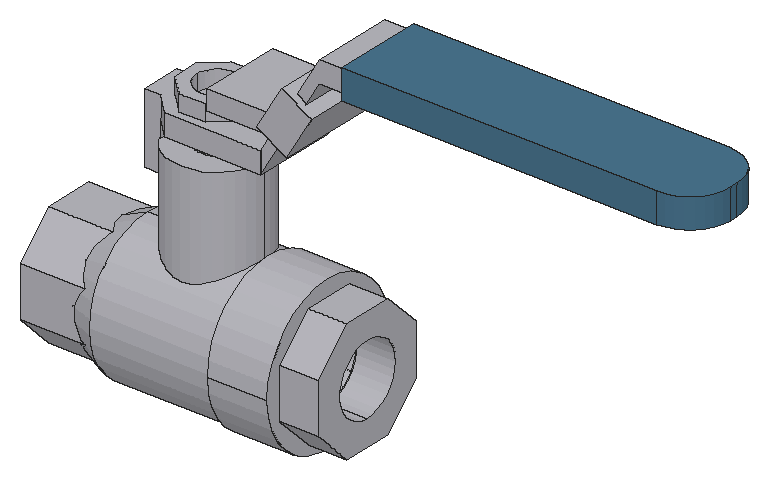
Revit family "200A-Ball-Valve", category Pipe Accessories, Revit 2018
Family settings
  Round Connector Dimension = Use Diameter
  Part Type = Valve - Breaks Into
  OmniClass Number = 23.60.30.11.14
  OmniClass Title = Pipework Fittings
  Work Plane-Based = No
  Always vertical = Yes
  Cut with Voids When Loaded = No
  Shared = No
Parameters
  Weight [instance] = size_lookup(LookupTable, "Weight", "NA", Nominal Diameter)  # "0.73 lbs."
  URL = "http://www.fnw.com"
  Standards Lookup Table = "Standards"  # constant formula
  Product ID [instance] = size_lookup(LookupTable, "ProductID", "NA", Nominal Diameter)  # "4106091"
  Pipe Diameter [instance] = size_lookup(Standards Lookup Table, "pipe_dia", 0", Nominal Diameter)  # 0.54"
  Part Number [instance] = size_lookup(LookupTable, "PartNumber", "NA", Nominal Diameter)  # "FNW200AB"
  PIpe Radius [instance] = Pipe Diameter / 2  # 0.27"
  NPT Insert [instance] = size_lookup(Standards Lookup Table, "NPT_insert", 0", Nominal Diameter)  # 0.4018"
  Manufacturer = "FNW"  # constant formula
  Description BOM [instance] = size_lookup(LookupTable, "Description_BOM", "NA", Nominal Diameter)  # "1/4 Stainless Steel 1000# Threaded 2 Piece Full Port BV"
  1_Z2 [instance] = size_lookup(LookupTable, "1_Z2", 0", Nominal Diameter)  # 0.1644"
  1_Z1 [instance] = size_lookup(LookupTable, "1_Z1", 0", Nominal Diameter)  # 0.7754"
  Z3 [instance] = size_lookup(LookupTable, "Z3", 0", Nominal Diameter)  # 13/128"
  Z2 [instance] = size_lookup(LookupTable, "Z2", 0", Nominal Diameter)  # 1.3402"
  Z1 [instance] = size_lookup(LookupTable, "Z1", 0", Nominal Diameter)  # 1.2152"
  1_Y1 [instance] = size_lookup(LookupTable, "1_Y1", 0", Nominal Diameter)  # 5/8"
  1_X4 [instance] = size_lookup(LookupTable, "1_X4", 0", Nominal Diameter)  # 5/16"
  1_X1 [instance] = size_lookup(LookupTable, "1_X1", 0", Nominal Diameter)  # 57/64"
  1_X3 [instance] = size_lookup(LookupTable, "1_X3", 0", Nominal Diameter)  # 3.94"
  X7 [instance] = size_lookup(LookupTable, "X7", 0", Nominal Diameter)  # 1.14"
  X6 [instance] = size_lookup(LookupTable, "X6", 0", Nominal Diameter)  # 2.28"
  X5 [instance] = size_lookup(LookupTable, "X5", 0", Nominal Diameter)  # 0.30135"
  X4 [instance] = size_lookup(LookupTable, "X4", 0", Nominal Diameter)  # 0.456"
  X3 [instance] = size_lookup(LookupTable, "X3", 0", Nominal Diameter)  # 0.92085"
  X2 [instance] = size_lookup(LookupTable, "X2", 0", Nominal Diameter)  # 0.2"
  1_X2 [instance] = size_lookup(LookupTable, "1_X2", 0", Nominal Diameter)  # 57/128"
  X1 [instance] = size_lookup(LookupTable, "X1", 0", Nominal Diameter)  # 0.4018"
  Show Lever Clearance [instance] = no
  R3 [instance] = size_lookup(LookupTable, "R3", 0", Nominal Diameter)  # 0.58125"
  R2 [instance] = size_lookup(LookupTable, "R2", 0", Nominal Diameter)  # 0.558"
  R1_Diam [instance] = R1 * 2  # 0.93"
  R1 [instance] = size_lookup(LookupTable, "R1", 0", Nominal Diameter)  # 0.465"
  Nominal Radius [instance] = Nominal Diameter / 2  # 1/8"
  Nominal Diameter [instance] = 1/4"
  LookupTable = "valve-ball-threaded-2P-std-lever"  # constant formula
  HexAngle1 [instance] = 135.00°
  D3 [instance] = size_lookup(LookupTable, "D3", 0", Nominal Diameter)  # 1/2"
  D2 [instance] = size_lookup(LookupTable, "D2", 0", Nominal Diameter)  # 5/16"
  D1 [instance] = size_lookup(LookupTable, "D1", 0", Nominal Diameter)  # 0.7125"
Reference planes (in)
  plane 1 "Center (Front/Back)": y = 0
  plane 2: z = 0
  plane 3 "Center (Left/Right)": x = 0
  plane 4 "X7 End": x = -1.14
  plane 5 "D1 Top": z = 1.2152
  plane 6 "D2 Top": z = 1.3402
  plane 7: x = -0.7382
  plane 8: x = -0.5382
  plane 9: x = 0.38265
  plane 10 "Face EXT": x = 0.83865
  plane 11: x = 1.14
  plane 12 "R3 Top": z = 0.58125
  plane 13 "R2 Top": z = 0.558
  plane 14 "R1 Top": z = 0.465
  plane 15: x = 1.14
  plane 16 "Pipe radius": z = 0.27
  plane 17 "NPT": x = -0.7382
  plane 18 "NPT 2": x = 0.7382
Forms (in)
  Extrusion 1, solid, material "Steel, Stainless"
    sketch origin (0, 0, 0) x (1, 0, 0) y (0, 1, 0)
      loop
        circle (0, 0) r 0.15625
    from 1.2152 to 1.3402
  Revolve 2, solid, material "Steel, Stainless"
    sketch origin (0, 0, 0) x (1, 0, 0) y (0, 0, 1)
      loop
        line (-0.7382, 0.465) -> (-0.7382, 0.27) -> (0.38265, 0.27) -> (0.38265, 0.558) -> (-0.5382, 0.558) -> (-0.7382, 0.465)
      axis (0.38265, 0) -> (-0.7382, 0)
    angle from 0 to 360
  Sweep 3, solid, material "Steel, Stainless"
    path origin (0, 0, 0) x (1, 0, 0) y (0, 0, 1)
      loop
        line (-1.14, 0) -> (1.14, 0)
    profile origin (0, 0, 0) x (0, 0, 1) y (0, -1, 0)
      loop
        circle (0, 0) r 0.27
      loop
        line (0.19261, 0.465) -> (-0.19261, 0.465) -> (-0.465, 0.19261) -> (-0.465, -0.19261) -> (-0.19261, -0.465) -> (0.19261, -0.465) -> (0.465, -0.19261) -> (0.465, 0.19261) -> (0.19261, 0.465)
  Extrusion 4, solid, material "Steel, Stainless"
    sketch origin (0, 0, 0) x (0, 1, 0) y (0, 0, 1)
      loop
        circle (0, 0) r 0.58125
      loop
        circle (0, 0) r 0.27
    from 0.38265 to 0.83865
  Extrusion 5, solid, material "Steel, Stainless"
    sketch origin (0, 0, 0.27) x (-1, 0, 0) y (0, -1, 0)
      loop
        circle (0, 0) r 0.35625
    from 0 to 0.9452
  Extrusion 6, solid, material "Steel, Stainless", not visible
    sketch origin (-0.7382, 0, 0) x (0, 0, 1) y (0, -1, 0)
      loop
        circle (0, 0) r 0.125
    from 0 to 1.4764
Dimensions and locks (in)
  "X7": plane 4 "X7 End" to plane 3 "Center (Left/Right)"
  "Z1": plane 5 "D1 Top" to plane 2
  "Z2": plane 6 "D2 Top" to plane 2
  "X1": plane 4 "X7 End" to plane 7
  "X2": plane 8 to plane 7
  "X3": plane 9 to plane 8
  "X4": plane 10 "Face EXT" to plane 9
  "X5": plane 11 to plane 10 "Face EXT"
  "R3": plane 12 "R3 Top" to plane 2
  "R2": plane 13 "R2 Top" to plane 2
  "R1": plane 14 "R1 Top" to plane 2
  "PIpe Radius": Revolve 2 sketch curve to plane 2
  "X6": plane 4 "X7 End" to plane 15
  equal spacing: Sweep 3 sketch curve, plane 1 "Center (Front/Back)", Sweep 3 sketch curve  (x4)
  "R1_Diam": Sweep 3 sketch curve to Sweep 3 sketch curve  (x4)
  Sweep 3 to Sweep 3 = 0.93"  (x5)
  "R1_Diam": Sweep 3 to Sweep 3  (x4)
  "PIpe Radius": plane 16 "Pipe radius" to plane 2
  "NPT Insert": plane 4 "X7 End" to plane 17 "NPT"
  "NPT Insert": plane 11 to plane 18 "NPT 2"
  "D2": diameter of Extrusion 1 sketch curve
  "R3": radius of Extrusion 4 sketch curve
  "PIpe Radius": radius of Extrusion 4 sketch curve
  "PIpe Radius": radius of Sweep 3 sketch curve
  radius of Sweep 3 sketch curve = 0.27"
  "D1": diameter of Extrusion 5 sketch curve
  "Nominal Radius": radius of Extrusion 6 sketch curve
  angle Sweep 3 sketch curve to Sweep 3 sketch curve = 135.00°  (x6)
  angle Sweep 3 to Sweep 3 = 135.00°  (x6)
  aligned and locked: plane 2 to level
  aligned and locked: Extrusion 1 to plane 5 "D1 Top"
  aligned and locked: plane 6 "D2 Top" to Extrusion 1
  aligned and locked: Revolve 2 sketch curve to plane 13 "R2 Top"
  aligned and locked: plane 7 to Revolve 2 sketch curve
  aligned and locked: Extrusion 4 to plane 9
  aligned and locked: plane 10 "Face EXT" to Extrusion 4
  aligned and locked: Sweep 3 sketch curve to level
  aligned and locked: plane 5 "D1 Top" to Extrusion 5
  aligned and locked: plane 18 "NPT 2" to Extrusion 6
Automatic sketch dimensions
  plane 4 "X7 End" to Sweep 3 sketch curve = 0"
  Sweep 3 sketch curve to plane 11 = 0"
  plane 1 "Center (Front/Back)" to Extrusion 1 sketch curve = 0"
  Extrusion 1 sketch curve to plane 3 "Center (Left/Right)" = 0"
  Revolve 2 sketch curve to level = 0"
  Revolve 2 sketch curve to plane 8 = 0"
  Revolve 2 sketch curve to plane 9 = 0"
  Revolve 2 sketch curve to plane 14 "R1 Top" = 0"
  plane 4 "X7 End" to Revolve 2 sketch curve = 1.81248"
  plane 11 to Revolve 2 sketch curve = 4.72422"
  Sweep 3 sketch curve to plane 1 "Center (Front/Back)" = 0"
  profile plane to Sweep 3 sketch curve = 0"
  Extrusion 4 sketch curve to Extrusion 4 sketch curve = 0"  (x2)
  Extrusion 4 sketch curve to level = 0"
  Extrusion 4 sketch curve to plane 1 "Center (Front/Back)" = 0"
  plane 1 "Center (Front/Back)" to Extrusion 5 sketch curve = 0"
  Extrusion 5 sketch curve to plane 3 "Center (Left/Right)" = 0"
  Extrusion 6 sketch curve to level = 0"
  Extrusion 6 sketch curve to plane 1 "Center (Front/Back)" = 0"
Nested families (in)
  nested 1: "Nested Lever Lock Blue 200A" at (0, 0, 1.3402), D3 <- "D3", 1_X1 <- "1_X1", 1_X2 <- "1_X2", 1_X3 <- "1_X3", 1_X4 <- "1_X4", 1_Y1 <- "1_Y1", 1_Z1 <- "1_Z1", 1_Z2 <- "1_Z2", Show Lever Clearance <- "Show Lever Clearance", type "Nested Lever Lock Blue 200A"
    with Z6 1/8", Z1_Z2 0.4699", Void_Outer_Radius 3/8", Void_Outer 3/4", Tab_Width 3/8", Tab_Height_Center 0.3877", Show Lever Clearance no, Product ID "", Part Number "", Lock_Tab_Width 7/8", Hypotenuse_Tab_Center 0.44709", Grip_L3 0.2269", Grip_L2 0.19565", Grip_L1 1/32", Description BOM "", D3_Half 0.16667", D3 1/2", Clearance Hieght 6", Angle Hex Head 135.00°, Ang_Constraint 39.81°, 1_Z2_Half 0.0822", 1_Z2 0.1644", 1_Z1_Quarter 0.27605", 1_Z1 0.7754", 1_Y1_Half 5/16", 1_Y1 5/8", 1_X6_Half 3/8", 1_X6 3/8", 1_X5 3/8", 1_X4 5/16", 1_X3_and_1__Y1_Half 4.2525", 1_X3 3.94", 1_X2_Quarter 0.11133", 1_X2_Half 57/256", 1_X2 57/128", 1_X1 57/64", 0Grip 2 1/8"
Connectors (in)
  piping at (-0.7382, 0, 0), diameter 0.25, driven by "Nominal Diameter"
    settings: on Extrusion 6, index 1, connector inside diameter 24", connector length 0", flow factor 0, pipe flow 0 GPM, pressure drop 0.00 psi, fitting loss kfactor 0, connector angle 0.00°, fixture units 0, engagement length 0", angle of deflection 0.00°, flow configuration 0, flow direction 0, fitting loss method 0, system type 7, joint type 0, gender type 0, connector reference index 2, connector utility 0, adjustable connector no, is connector primary yes, connector description ""
  piping at (0.7382, 0, 0), diameter 0.25, driven by "Nominal Diameter"
    settings: on Extrusion 6, index 2, connector inside diameter 24", connector length 0", flow factor 0, pipe flow 0 GPM, pressure drop 0.00 psi, fitting loss kfactor 0, connector angle 0.00°, fixture units 0, engagement length 0", angle of deflection 0.00°, flow configuration 0, flow direction 0, fitting loss method 0, system type 7, joint type 0, gender type 0, connector reference index 1, connector utility 0, adjustable connector no, is connector primary no, connector description ""
Definition of nested family "Nested Lever Lock Blue 200A"
  Parameters (values of type "Nested Lever Lock Blue")
    Z6 [instance] = 1/8"  # constant formula
    Z1_Z2 [instance] = ([1_Z1] + [1_Z2]) / 2  # 11/16"
    Tab_Width [instance] = [1_Y1_Half] + (Grip_L1 * 2)  # 1 1/16"
    Tab_Height_Center [instance] = [1_Z1] / 2  # 5/8"
    Product ID [instance] = ""
    Part Number [instance] = ""
    Lock_Tab_Width [instance] = [1_Y1] + 1/4"  # 2 1/4"
    Hypotenuse_Tab_Center [instance] = sqrt(Tab_Height_Center ^ 2 + [1_X2_Half] ^ 2)  # 0.97628"
    Description BOM [instance] = ""
    Angle 2 = 45.00°  # constant formula
    Ang_Constraint [instance] = 39.81°  # constant formula
    1_Z2 [instance] = 1/8"
    1_Z1_Quarter [instance] = [1_Z1] / 4 + ([1_Z2_Half])  # 3/8"
    1_Z1 [instance] = 1 1/4"
    1_Y1_Half [instance] = [1_Y1] / 2  # 1"
    1_Y1 [instance] = 2"
    1_X6_Half [instance] = [1_X6]  # 3/8"
    1_X6 [instance] = 3/8"  # constant formula
    1_X5 [instance] = 3/8"  # constant formula
    1_X2_Quarter [instance] = [1_X2] / 4  # 3/8"
    1_X2_Half [instance] = [1_X2] / 2  # 3/4"
    1_X1 [instance] = 2 1/2"
    1_X3_and_1__Y1_Half [instance] = [1_X3] + [1_Y1_Half]  # 13.66198"
    1_X3 [instance] = 12.66198"
    1_X2 [instance] = 1 1/2"
    Void_Outer_Radius [instance] = Void_Outer / 2  # 1 1/16"
    Void_Outer [instance] = [1_Y1] + Grip_L1 * 4  # 2 1/8"
    Show Lever Clearance [instance] = yes
    Grip_L3 [instance] = Grip_L1 + Grip_L2  # 3/16"
    Grip_L1 [instance] = 1/32"  # constant formula
    Grip_L2 [instance] = [1_Z2] + Grip_L1  # 5/32"
    Default Elevation = 48"
    D3_Half [instance] = D3 / 3  # 0.23251"
    D3 [instance] = 0.69752"
    Clearance Hieght [instance] = 6"  # constant formula
    Angle Hex Head [instance] = 135.00°  # constant formula
    1_X4 [instance] = 1"
    1_Z2_Half [instance] = [1_Z2] / 2  # 1/16"
    0Grip [instance] = 2 1/8"  # constant formula
  Reference planes (in)
    plane 1 "Center (Front/Back)": y = 0
    plane 2: z = 0
    plane 3 "Center (Left/Right)": x = 0
    plane 4: z = 0.125
    plane 5: x = -1
    plane 6: x = 12.66198
    plane 7: y = 1
    plane 8: y = -1
    plane 9: x = 1.5
    plane 10: x = 3
    plane 11: z = 1.375
    plane 12: z = 1.25
    plane 13: z = 0.25
    plane 14: z = 1.40625
    plane 15: z = 1.21875
    plane 16: x = 3.15625
    plane 17: y = 1.03125
    plane 18: y = -1.03125
    plane 19: z = -0.375
    plane 20: y = 0.5
    plane 21: y = -0.5
    plane 22: x = -1.125
    plane 23: x = 2.25
    plane 24: z = 0.5
    plane 25: x = 1.875
    plane 26: x = 0.23251
  Forms (in)
    Extrusion 1, solid
      sketch origin (0, 0, 0) x (1, 0, 0) y (0, 1, 0)
        loop
          line (-48, 48) -> (-48, -48) -> (48, -48) -> (48, 48) -> (-48, 48)
      from 0 to -12
    Extrusion 2, solid
      sketch origin (0, 0, 0) x (1, 0, 0) y (0, 0, 1)
        loop
          line (1.5, 0.125) -> (1.5, 0) -> (3, 1.25) -> (4.15625, 1.25) -> (4.15625, 1.375) -> (3, 1.375) -> (1.5, 0.125)
      from -1 to 1
    Extrusion 3, solid
      sketch origin (0, 0, 0) x (1, 0, 0) y (0, 1, 0)
        loop
          line (0.34876, 0.14446) -> (0.14446, 0.34876) -> (-0.14446, 0.34876) -> (-0.34876, 0.14446) -> (-0.34876, -0.14446) -> (-0.14446, -0.34876) -> (0.14446, -0.34876) -> (0.34876, -0.14446) -> (0.34876, 0.14446)
        loop
          circle (0, 0) r 0.23251
      from 0.125 to 0.25
    Extrusion 4, solid
      sketch origin (0, 0, 0) x (1, 0, 0) y (0, 1, 0)
        loop
          line (11.66198, 1.03125) -> (3.15625, 1.03125) -> (3.15625, -1.03125) -> (11.66198, -1.03125)
          arc (11.66198, -1.03125) -> (12.36908, -0.73836) -> (12.66198, -0.03125) r 1
          line (12.66198, -0.03125) -> (12.66198, 0.03125)
          arc (12.66198, 0.03125) -> (12.36908, 0.73836) -> (11.66198, 1.03125) r 1
      from 1.21875 to 1.40625
    Extrusion 5, solid, visible <- "Show Lever Clearance"
      sketch origin (0, 0, 0) x (1, 0, 0) y (0, 1, 0)
        loop
          line (-1, 1) -> (-1, -12.66198)
          arc (-1, -12.66198) -> (8.66048, -8.66048) -> (12.66198, 1) r 13.66198
          line (12.66198, 1) -> (-1, 1)
      from 0 to 6 <- "Clearance Hieght"
    Extrusion 6, solid
      sketch origin (0, 0, 0) x (1, 0, 0) y (0, 1, 0)
        loop
          line (1.5, -1) -> (1.5, 1) -> (-0.5, 1) -> (-1, 0.5) -> (-1, -0.5) -> (-0.5, -1) -> (1.5, -1)
      from 0 to 0.125
    Extrusion 7, solid
      sketch origin (0, 0, 0) x (1, 0, 0) y (0, 1, 0)
        loop
          line (-1.125, 0.5) -> (-1.125, -0.5) -> (-1, -0.5) -> (-1, 0.5) -> (-1.125, 0.5)
      from -0.375 to 0.125
    Extrusion 8, solid
      sketch origin (0, 0, 0) x (1, 0, 0) y (0, 1, 0)
        loop
          line (0.23251, 1) -> (0.23251, -1) -> (1.875, -1) -> (1.875, 1) -> (0.23251, 1)
      from 0.25 to 0.5
  Cuts and joins
    joined: Extrusion 6, Extrusion 7
  Lines and regions (in)
    reference lines
      curve 1: line (0, 0, 3.39657) -> (0, 0, -0.875)
  Dimensions and locks (in)
    "1_Z2": plane 4 to plane 2
    "1_X4": plane 3 "Center (Left/Right)" to plane 5
    "1_X3": plane 6 to plane 3 "Center (Left/Right)"
    equal spacing: plane 7, plane 1 "Center (Front/Back)", plane 8
    "1_Y1": plane 7 to plane 8
    "1_X1": plane 9 to plane 5
    "1_X2": plane 10 to plane 9
    "1_Z1": plane 11 to plane 4
    "1_Z2": plane 11 to plane 12
    equal spacing: Extrusion 3 sketch curve, curve 1, Extrusion 3 sketch curve  (x4)
    "D3": Extrusion 3 sketch curve to Extrusion 3 sketch curve  (x4)
    "Z6": plane 13 to plane 4
    "Grip_L1": plane 14 to plane 11
    "Grip_L2": plane 11 to plane 15
    "Grip_L2": plane 16 to plane 10
    "Grip_L1": plane 8 to plane 18
    "Grip_L1": plane 17 to plane 7
    "1_Y1_Half": plane 16 to Extrusion 2
    "1_X3_and_1__Y1_Half": Extrusion 5 sketch curve to Extrusion 5 sketch curve  (x2)
    equal spacing: Extrusion 6 sketch curve, plane 1 "Center (Front/Back)", Extrusion 6 sketch curve
    "1_Y1_Half": Extrusion 6 sketch curve to Extrusion 6 sketch curve
    "1_X5": plane 2 to plane 19
    equal spacing: plane 21, plane 1 "Center (Front/Back)", plane 20
    "1_Y1_Half": plane 21 to plane 20
    "1_Z2": plane 5 to plane 22
    "1_X2_Half": plane 23 to plane 9
    "Hypotenuse_Tab_Center": nested 1 to Extrusion 2
    "1_X2_Quarter": plane 25 to plane 9
    "1_Z1_Quarter": plane 24 to plane 4
    "D3_Half": plane 26 to plane 3 "Center (Left/Right)"
    equal spacing: Extrusion 8 sketch curve, plane 1 "Center (Front/Back)", Extrusion 8 sketch curve
    "D3_Half": radius of Extrusion 3 sketch curve
    "1_Y1_Half": radius of Extrusion 4 sketch curve  (x2)
    "1_X3_and_1__Y1_Half": radius of Extrusion 5 sketch curve
    "Angle Hex Head": angle Extrusion 3 sketch curve to Extrusion 3 sketch curve  (x6)
    "Angle 2": angle plane 5 to Extrusion 6 sketch curve
    "Angle 2": angle Extrusion 6 sketch curve to plane 5
    aligned and locked: plane 2 to Extrusion 1
    aligned and locked: level to Extrusion 1
    aligned and locked: plane 10 to Extrusion 2 sketch curve
    aligned and locked: plane 12 to Extrusion 2 sketch curve
    aligned and locked: plane 11 to Extrusion 2 sketch curve
    aligned and locked: curve 1 to plane 3 "Center (Left/Right)"
    aligned and locked: plane 4 to Extrusion 3
    aligned and locked: Extrusion 3 to plane 13
    aligned and locked: Extrusion 4 sketch curve to plane 16
    aligned and locked: Extrusion 4 sketch curve to plane 18
    aligned and locked: plane 17 to Extrusion 4 sketch curve
    aligned and locked: Extrusion 4 to plane 15
    aligned and locked: Extrusion 4 to plane 14
    aligned and locked: Extrusion 2 to plane 8
    aligned and locked: plane 7 to Extrusion 2
    aligned and locked: Extrusion 2 sketch curve to plane 9
    aligned and locked: plane 9 to Extrusion 6 sketch curve
    aligned and locked: Extrusion 6 sketch curve to plane 5
    aligned and locked: Extrusion 6 to plane 4
    aligned and locked: Extrusion 7 sketch curve to plane 21
    aligned and locked: plane 20 to Extrusion 7 sketch curve
    aligned and locked: plane 19 to Extrusion 7
    aligned and locked: Extrusion 7 to plane 4
    aligned and locked: plane 1 "Center (Front/Back)" to nested 1
    aligned and locked: Extrusion 8 sketch curve to plane 7
    aligned and locked: Extrusion 8 to plane 24
    aligned and locked: plane 13 to Extrusion 8
    aligned and locked: Extrusion 8 to plane 26
    aligned and locked: plane 25 to Extrusion 8
  Automatic sketch dimensions
    Extrusion 1 sketch curve to Extrusion 1 sketch curve = 96"  (x2)
    Extrusion 7 sketch curve to plane 5 = 1/8"
    Extrusion 7 sketch curve to plane 5 = 0"
    plane 19 to curve 1 = 1/2"
    plane 14 to curve 1 = 1.99032"
    plane 26 to Extrusion 8 sketch curve = 0"
    plane 9 to Extrusion 8 sketch curve = 3/8"
    Extrusion 2 sketch curve to plane 10 = 0"
    Extrusion 2 sketch curve to level = 0"
    Extrusion 2 sketch curve to plane 4 = 0"
    plane 16 to Extrusion 2 sketch curve = 1"
    plane 1 "Center (Front/Back)" to Extrusion 3 sketch curve = 0"
    Extrusion 3 sketch curve to plane 3 "Center (Left/Right)" = 0"
    Extrusion 4 sketch curve to plane 6 = 0"
    Extrusion 5 sketch curve to plane 5 = 0"
    Extrusion 5 sketch curve to plane 7 = 0"
    Extrusion 6 sketch curve to plane 8 = 0"
    Extrusion 6 sketch curve to plane 7 = 0"
  Nested families (in)
    nested 1: "Nest _Lock_Tab" at (2.18852, 0, 0.69877) x (0.7682, 0, 0.6402) z (-0.6402, 0, 0.7682), Width <- "Tab_Width", Height <- "1_Z2_Half", 1_X6 <- "1_X6", type "Nest _Lock_Tab"
      with Width 1 1/16", Height 2 0.1375", Height 1/16", 1_X6 3/8"
  Definition of nested family "Nest _Lock_Tab"
    Parameters (values of type "Nest _Lock_Tab")
      Width [instance] = 1"
      Height 2 [instance] = Height * 2.2  # 0.55"
      Height [instance] = 1/4"
      Default Elevation = 48"
      1_X6 [instance] = 1"
    Reference planes (in)
      plane 1 "Center (Front/Back)": y = 0
      plane 2: z = 0
      plane 3 "Center (Left/Right)": x = 0
      plane 4: x = -0.5
      plane 5: x = 0.5
      plane 6: y = 1
      plane 7: y = -1
      plane 8: z = 0.25
      plane 9: z = -0.55
      plane 10 "lock": through (-0.76817, -180, 0.64024) normal (0.6402, 0, 0.7682)
    Forms (in)
      Extrusion 1, solid
        sketch origin (0, 0, 0) x (1, 0, 0) y (0, 1, 0)
          loop
            line (-48, 48) -> (-48, -48) -> (48, -48) -> (48, 48) -> (-48, 48)
        from 0 to -12
      Extrusion 2, solid
        sketch origin (0, 0, 0) x (1, 0, 0) y (0, 1, 0)
          loop
            line (-0.5, 1) -> (-0.5, -1) -> (0.5, -1) -> (0.5, 1) -> (-0.5, 1)
        from -0.55 to 0.25
    Lines and regions (in)
      reference lines
        curve 1: line (-1.89132, 0, 0) -> (2.85868, 0, 0)
        curve 2: line (0, 5.22872, 0) -> (0, -6.82287, 0)
        curve 3: line (0, 0, 0) -> (-0.76817, 0, 0.64024)
    Dimensions and locks (in)
      equal spacing: plane 4, plane 3 "Center (Left/Right)", plane 5
      "1_X6": plane 4 to plane 5
      equal spacing: plane 6, plane 1 "Center (Front/Back)", plane 7
      "Width": plane 6 to plane 1 "Center (Front/Back)" to plane 7
      "Height": plane 8 to plane 2
      "Height 2": plane 2 to plane 9
      angle curve 3 to curve 1 = 39.81°
      aligned and locked: plane 2 to Extrusion 1
      aligned and locked: level to Extrusion 1
      aligned and locked: plane 4 to Extrusion 2 sketch curve
      aligned and locked: Extrusion 2 sketch curve to plane 5
      aligned and locked: Extrusion 2 sketch curve to plane 6
      aligned and locked: Extrusion 2 sketch curve to plane 7
      aligned and locked: Extrusion 2 to plane 9
      aligned and locked: plane 8 to Extrusion 2
      aligned and locked: curve 1 to plane 2
      aligned and locked: curve 2 to plane 3 "Center (Left/Right)"
    Automatic sketch dimensions
      Extrusion 1 sketch curve to Extrusion 1 sketch curve = 96"  (x2)
      plane 7 to curve 2 = 5.82287"
      plane 6 to curve 2 = 4.22872"
      curve 3 to plane 3 "Center (Left/Right)" = 0"
      curve 1 to curve 3 = 1.12315"
